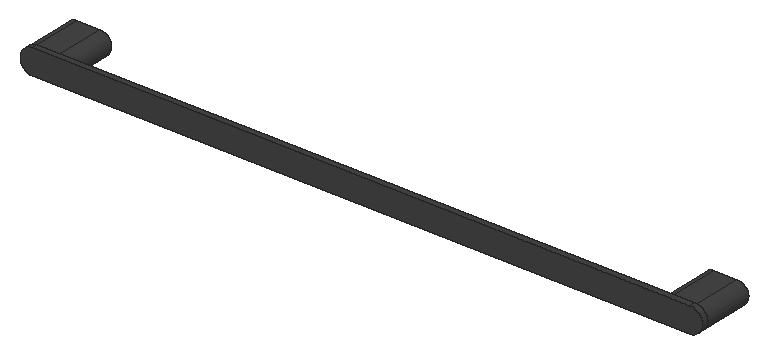
Revit family "rba-bim-rba1631-104", category Plumbing Fixtures, Revit 2016
Family settings
  Part Type = Normal
  Round Connector Dimension = Use Diameter
  Work Plane-Based = No
  Always vertical = Yes
  Cut with Voids When Loaded = No
  Shared = Yes
  Room Calculation Point = No
Parameters (values of type "RBA1631-304")
  Watermarked By = "www.rba.com.au"
  Waste Connection = yes
  Vent Connection = yes
  URL = ""
  Phone Number = "1300 788 778"
  Modified Issue = "20190924.01"
  Model = "RBA1631-304"
  Materials and Finishes = Heavy Duty Brass in a Matte Black Finish
  Manufacturer Model = ""
  Manufacturer = "RBA Group"  # constant formula
  HW Connection = yes
  Description = "ōken Towel Rail #1"
  Copyright by = "RBA Group"  # constant formula
  CW Connection = yes
Types (2, lengths in mm): name | Modified Issue | Model | Materials and Finishes
  RBA1631-104 | "20190220.01" | "RBA1631-104" | Heavy Duty Brass in a Bright Chrome Finish
  RBA1631-304 | "20190924.01" | "RBA1631-304" | Heavy Duty Brass in a Matte Black Finish
Reference planes
  plane 1 "Center (Front/Back)": y = 0
  plane 2: z = 0
  plane 3 "Center (Left/Right)": x = 0
  plane 4: x = 300
  plane 5: x = -300
Forms (mm)
  Extrusion 1, solid, material "Heavy Duty Brass in a Matte Black Finish" <- "Materials and Finishes"
    sketch origin (0, 0, 0) x (1, 0, 0) y (0, 0, 1)
      loop
        line (289, 22) -> (-289, 22)
        arc (-289, 22) -> (-300, 11) -> (-289, 0) r 11
        line (-289, 0) -> (289, 0)
        arc (289, 0) -> (300, 11) -> (289, 22) r 11
    from 45 to 50
  Extrusion 2, solid, material "Heavy Duty Brass in a Matte Black Finish" <- "Materials and Finishes"
    sketch origin (0, 0, 0) x (1, 0, 0) y (0, 0, 1)
      loop
        arc (-290, 21) -> (-300, 11) -> (-290, 1) r 10
        line (-290, 1) -> (-270, 1)
        arc (-270, 1) -> (-260, 11) -> (-270, 21) r 10
        line (-270, 21) -> (-290, 21)
    from 0 to 45
  Extrusion 3, solid, material "Heavy Duty Brass in a Matte Black Finish" <- "Materials and Finishes"
    sketch origin (0, 0, 0) x (-1, 0, 0) y (0, 0, -1)
      loop
        line (-290, -21) -> (-270, -21)
        arc (-270, -21) -> (-260, -11) -> (-270, -1) r 10
        line (-270, -1) -> (-290, -1)
        arc (-290, -1) -> (-300, -11) -> (-290, -21) r 10
    from 0 to 45
Dimensions and locks
  aligned and locked: plane 2 to level
